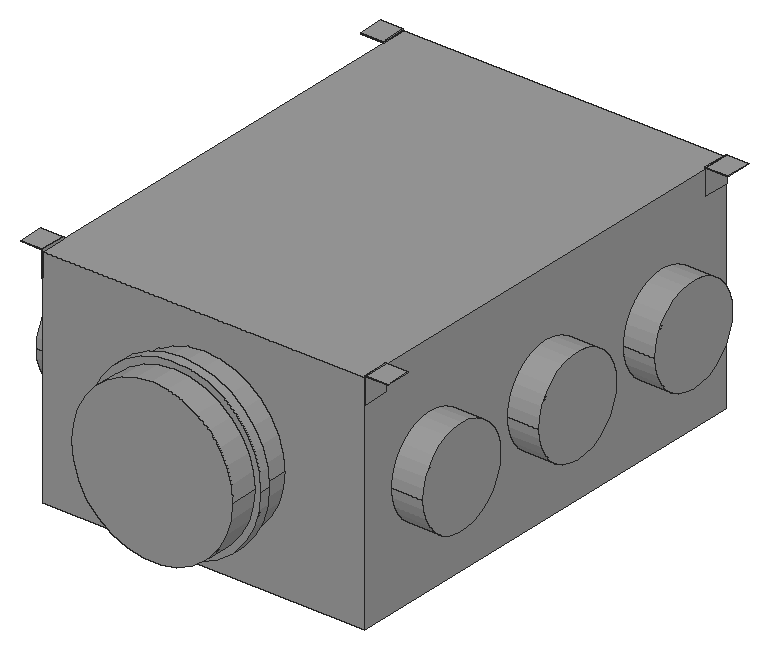
Revit family "FASU(F6-150 250Φ)", category ダクト付属品, Revit 2021
Family settings
  丸型コネクタ寸法 = 直径を使用
  パーツ タイプ = ダンパー
  OmniClass 番号 = 23.75.00.00
  OmniClass タイトル = Climate Control (HVAC)
  作業面ベース = いいえ
  常に垂直 = はい
  ロード時にボイドで切り取り = いいえ
  共有 = いいえ
Parameters
  高さ = 350 mm
  風量 = 0.0 L/s
  符号 = "FASU"
  形式 = "F6-150 250φ"
  幅 [instance] = 500 mm
  奥行き = 700 mm
  大きさ = 250 mm
  呼称 = "FASUチャンバー"
  付属品_下端レベル [instance] = 0 mm
  マテリアル [instance] = 既定値
  ダクト_イン = 300 mm
  ダクト_アウト = 150 mm
  既定の高さ = 0 mm
Reference planes
  plane 1 "中心(正面/背面)": y = 0
  plane 2: z = 0
  plane 3 "中心(左/右)": x = 0
  plane 4: x = -250
  plane 5: x = 250
  plane 6: y = -700
  plane 7: z = 350
  plane 8: z = 175
  plane 9: z = 266.963
  plane 10: z = 86.159
  plane 11: x = -251
  plane 12: z = 313.122
  plane 13: z = 352.122
  plane 14: y = -350
Forms (mm)
  Extrusion 1, solid, material "既定値" <- "マテリアル"
    sketch origin (0, 0, 0) x (1, 0, 0) y (0, 1, 0)
      loop
        line (-250, 0) -> (-250, -700) -> (250, -700) -> (250, 0) -> (-250, 0)
    from 0 to 350
  Extrusion 2, solid, material "既定値" <- "マテリアル"
    sketch origin (0, -30, 0) x (1, 0, 0) y (0, 1, 0)
      loop
        line (-250, 30) -> (-251, 30) -> (-251, -10) -> (-250, -10) -> (-250, 30)
    from 313.122 to 350
  Extrusion 3, solid, material "既定値" <- "マテリアル"
    sketch origin (0, -30, 0) x (1, 0, 0) y (0, 1, 0)
      loop
        line (-285, 30) -> (-285, -10) -> (-251, -10) -> (-251, 30) -> (-285, 30)
    from 352.122 to 350
  Extrusion 4, solid, material "既定値" <- "マテリアル"
    sketch origin (0, -30, 0) x (-1, 0, 0) y (0, -1, 0)
      loop
        line (-250, -30) -> (-250, 10) -> (-251, 10) -> (-251, -30) -> (-250, -30)
    from 313.122 to 353.122
  Extrusion 5, solid, material "既定値" <- "マテリアル"
    sketch origin (0, -30, 0) x (-1, 0, 0) y (0, -1, 0)
      loop
        line (-285, -30) -> (-251, -30) -> (-251, 10) -> (-285, 10) -> (-285, -30)
    from 352.122 to 353.122
  Extrusion 6, solid, material "既定値" <- "マテリアル"
    sketch origin (0, -490, 0) x (1, 0, 0) y (0, 1, 0)
      loop
        line (-285, -170) -> (-285, -210) -> (-251, -210) -> (-251, -170) -> (-285, -170)
    from 352.122 to 353.122
  Extrusion 7, solid, material "既定値" <- "マテリアル"
    sketch origin (0, -490, 0) x (1, 0, 0) y (0, 1, 0)
      loop
        line (-250, -170) -> (-251, -170) -> (-251, -210) -> (-250, -210) -> (-250, -170)
    from 313.122 to 353.122
  Extrusion 8, solid, material "既定値" <- "マテリアル"
    sketch origin (0, -490, 0) x (-1, 0, 0) y (0, -1, 0)
      loop
        line (-285, 170) -> (-251, 170) -> (-251, 210) -> (-285, 210) -> (-285, 170)
    from 352.122 to 353.122
  Extrusion 9, solid, material "既定値" <- "マテリアル"
    sketch origin (0, -490, 0) x (-1, 0, 0) y (0, -1, 0)
      loop
        line (-250, 170) -> (-250, 210) -> (-251, 210) -> (-251, 170) -> (-250, 170)
    from 313.122 to 353.122
  Extrusion 10, solid, material "既定値" <- "マテリアル"
    sketch origin (550, -582.5, 0) x (0, -1, 0) y (0, 0, -1)
      loop
        circle (-232.5, -175) r 74.985
    from -300 to -250
  Extrusion 11, solid, material "既定値" <- "マテリアル"
    sketch origin (-550, -582.5, 0) x (0, -1, 0) y (0, 0, 1)
      loop
        circle (-232.5, 175) r 74.985
    from -300 to -250
  Extrusion 12, solid, material "既定値" <- "マテリアル"
    sketch origin (550, -357.5, 0) x (0, -1, 0) y (0, 0, -1)
      loop
        circle (-232.5, -175) r 74.985
    from -300 to -250
  Extrusion 13, solid, material "既定値" <- "マテリアル"
    sketch origin (-550, -357.5, 0) x (0, -1, 0) y (0, 0, 1)
      loop
        circle (-232.5, 175) r 74.985
    from -300 to -250
  Extrusion 14, solid, material "既定値" <- "マテリアル"
    sketch origin (550, -142.5, 0) x (0, 1, 0) y (0, 0, 1)
      loop
        circle (-432.5, 175) r 74.985
    from -300 to -250
  Extrusion 15, solid, material "既定値" <- "マテリアル"
    sketch origin (0, -142.5, 0) x (0, 1, 0) y (0, 0, 1)
      loop
        circle (-432.5, 175) r 74.985
    from -300 to -250
  Extrusion 16, solid, material "既定値" <- "マテリアル"
    sketch origin (0, -230, 0) x (1, 0, 0) y (0, 0, 1)
      loop
        circle (0, 175) r 125
    from 470 to 512.5
  Extrusion 17, solid, material "既定値" <- "マテリアル"
    sketch origin (0, -230, 0) x (1, 0, 0) y (0, 0, 1)
      loop
        circle (0, 175) r 135
    from 512.5 to 527.5
  Extrusion 18, solid, material "既定値" <- "マテリアル"
    sketch origin (0, -317.5, 0) x (1, 0, 0) y (0, 0, 1)
      loop
        circle (0, 175) r 125
    from 440 to 482.5
Lines and regions (mm)
  model lines
    curve 1: line (-250, -30, 0) -> (250, -30, 0)
    curve 2: line (-250, -670, 0) -> (250, -670, 0)
Text (mm)
  text "FASU(F6-150 250Φ)" at (3.713, -630.412, 0), in view "参照レベル"
Dimensions and locks
  equal spacing: plane 4, plane 3 "中心(左/右)", plane 5
  "幅": plane 4 to plane 5
  "奥行き": plane 6 to plane 1 "中心(正面/背面)"
  "高さ": plane 7 to level
  equal spacing: plane 7, plane 8, level
  equal spacing: plane 6, plane 14, plane 1 "中心(正面/背面)"
  aligned and locked: level to plane 2
  aligned and locked: Extrusion 1 sketch curve to plane 5
  aligned and locked: plane 7 to Extrusion 1
  aligned and locked: Extrusion 2 sketch curve to Extrusion 1
  aligned and locked: plane 7 to Extrusion 2
  aligned and locked: Extrusion 3 sketch curve to Extrusion 2
  aligned and locked: Extrusion 2 to Extrusion 3 sketch curve
  aligned and locked: plane 7 to Extrusion 3
  aligned and locked: Extrusion 3 to plane 13
  aligned and locked: Extrusion 4 to Extrusion 5 sketch curve
  aligned and locked: Extrusion 5 sketch curve to Extrusion 4
  aligned and locked: Extrusion 1 to Extrusion 8
  aligned and locked: Extrusion 6 to Extrusion 1
  aligned and locked: Extrusion 7 to Extrusion 1
  aligned and locked: Extrusion 1 to Extrusion 9
  aligned and locked: Extrusion 9 to Extrusion 8
  aligned and locked: Extrusion 7 to Extrusion 6
  aligned and locked: plane 4 to Extrusion 7
  aligned and locked: Extrusion 9 to plane 5
  aligned and locked: plane 4 to curve 1
  aligned and locked: plane 5 to curve 1
  aligned and locked: plane 5 to curve 2
  aligned and locked: Extrusion 1 to Extrusion 3
  aligned and locked: Extrusion 5 to Extrusion 1
  aligned and locked: Extrusion 4 to plane 5
  aligned and locked: Extrusion 1 to plane 6
  aligned and locked: Extrusion 1 to plane 1 "中心(正面/背面)"
  aligned and locked: Extrusion 12 to plane 5
  aligned and locked: plane 4 to Extrusion 13
  aligned and locked: Extrusion 14 to plane 5
  aligned and locked: plane 4 to Extrusion 15
  aligned and locked: Extrusion 17 to Extrusion 18
  aligned and locked: Extrusion 17 to Extrusion 16
Automatic sketch dimensions
  Extrusion 10 sketch curve to plane 8 = 0 mm
  Extrusion 10 sketch curve to plane 14 = 0 mm
  Extrusion 11 sketch curve to plane 8 = 0 mm
  Extrusion 11 sketch curve to plane 14 = 0 mm
  curve 2 to plane 4 = 0 mm
  plane 6 to curve 2 = 30 mm
  plane 1 "中心(正面/背面)" to curve 1 = 30 mm
  Extrusion 1 sketch curve to plane 4 = 0 mm
  Extrusion 1 sketch curve to plane 6 = 0 mm
  plane 1 "中心(正面/背面)" to Extrusion 1 sketch curve = 0 mm
  plane 1 "中心(正面/背面)" to Extrusion 2 sketch curve = 0 mm
  Extrusion 2 sketch curve to plane 11 = 0 mm
  Extrusion 2 sketch curve to Extrusion 2 sketch curve = 40 mm
  plane 1 "中心(正面/背面)" to Extrusion 3 sketch curve = 0 mm
  Extrusion 3 sketch curve to Extrusion 3 sketch curve = 34 mm
  plane 1 "中心(正面/背面)" to Extrusion 4 sketch curve = 0 mm
  Extrusion 4 sketch curve to plane 5 = 0 mm
  Extrusion 4 sketch curve to Extrusion 4 sketch curve = 1 mm
  Extrusion 4 sketch curve to Extrusion 4 sketch curve = 40 mm
  plane 1 "中心(正面/背面)" to Extrusion 5 sketch curve = 0 mm
  Extrusion 5 sketch curve to Extrusion 5 sketch curve = 34 mm
  Extrusion 6 sketch curve to plane 6 = 0 mm
  Extrusion 6 sketch curve to plane 11 = 0 mm
  Extrusion 6 sketch curve to plane 11 = 34 mm
  plane 6 to Extrusion 6 sketch curve = 40 mm
  Extrusion 7 sketch curve to plane 11 = 0 mm
  Extrusion 7 sketch curve to plane 4 = 0 mm
  Extrusion 7 sketch curve to plane 6 = 0 mm
  plane 6 to Extrusion 7 sketch curve = 40 mm
  Extrusion 8 sketch curve to plane 6 = 0 mm
  Extrusion 8 sketch curve to plane 5 = 35 mm
  Extrusion 8 sketch curve to plane 5 = 1 mm
  Extrusion 8 sketch curve to Extrusion 8 sketch curve = 40 mm
  Extrusion 9 sketch curve to plane 6 = 0 mm
  Extrusion 9 sketch curve to plane 5 = 0 mm
  Extrusion 9 sketch curve to Extrusion 9 sketch curve = 1 mm
  Extrusion 9 sketch curve to Extrusion 9 sketch curve = 40 mm
  Extrusion 12 sketch curve to plane 8 = 0 mm
  plane 1 "中心(正面/背面)" to Extrusion 12 sketch curve = 125 mm
  Extrusion 13 sketch curve to plane 8 = 0 mm
  plane 1 "中心(正面/背面)" to Extrusion 13 sketch curve = 125 mm
  Extrusion 14 sketch curve to plane 8 = 0 mm
  plane 6 to Extrusion 14 sketch curve = 125 mm
  Extrusion 15 sketch curve to plane 8 = 0 mm
  plane 6 to Extrusion 15 sketch curve = 125 mm
  Extrusion 16 sketch curve to plane 8 = 0 mm
  Extrusion 17 sketch curve to plane 8 = 0 mm
  Extrusion 18 sketch curve to plane 8 = 0 mm
  plane 11 to Extrusion 16 sketch curve = 251 mm
  plane 11 to Extrusion 17 sketch curve = 251 mm
  plane 11 to Extrusion 18 sketch curve = 251 mm
  radius of Extrusion 10 sketch curve = 74.985 mm
  radius of Extrusion 11 sketch curve = 74.985 mm
  radius of Extrusion 12 sketch curve = 74.985 mm
  radius of Extrusion 13 sketch curve = 74.985 mm
  radius of Extrusion 14 sketch curve = 74.985 mm
  radius of Extrusion 15 sketch curve = 74.985 mm
  radius of Extrusion 16 sketch curve = 125 mm
  radius of Extrusion 17 sketch curve = 135 mm
  radius of Extrusion 18 sketch curve = 125 mm
Connectors
  hvac at (-300, -575, 175), driven by "ダクト_アウト"
    settings: on Extrusion 15, index 1, duct flow 0.0 L/s, flow factor 0, pres drop 0.0 Pa, loss coef 0, conn angle 0.00°, conn width 304.8 mm, conn height 304.8 mm, conn diameter 150 mm, duct sys type 29, conn prof type 0, flow config 0, flow direction 2, loss method 0, conn ref index -1, conn util no, is conn primary yes, conn desc ""
  hvac at (-300, -350, 175), driven by "ダクト_アウト"
    settings: on Extrusion 11, index 2, duct flow 0.0 L/s, flow factor 0, pres drop 0.0 Pa, loss coef 0, conn angle 0.00°, conn width 304.8 mm, conn height 304.8 mm, conn diameter 150 mm, duct sys type 29, conn prof type 0, flow config 0, flow direction 2, loss method 0, conn ref index -1, conn util no, is conn primary no, conn desc ""
  hvac at (-300, -125, 175), driven by "ダクト_アウト"
    settings: on Extrusion 13, index 3, duct flow 0.0 L/s, flow factor 0, pres drop 0.0 Pa, loss coef 0, conn angle 0.00°, conn width 304.8 mm, conn height 304.8 mm, conn diameter 150 mm, duct sys type 29, conn prof type 0, flow config 0, flow direction 2, loss method 0, conn ref index -1, conn util no, is conn primary no, conn desc ""
  hvac at (300, -575, 175), driven by "ダクト_アウト"
    settings: on Extrusion 14, index 4, duct flow 0.0 L/s, flow factor 0, pres drop 0.0 Pa, loss coef 0, conn angle 0.00°, conn width 304.8 mm, conn height 304.8 mm, conn diameter 150 mm, duct sys type 29, conn prof type 0, flow config 0, flow direction 2, loss method 0, conn ref index -1, conn util no, is conn primary no, conn desc ""
  hvac at (300, -350, 175), driven by "ダクト_アウト"
    settings: on Extrusion 10, index 5, duct flow 0.0 L/s, flow factor 0, pres drop 0.0 Pa, loss coef 0, conn angle 0.00°, conn width 304.8 mm, conn height 304.8 mm, conn diameter 150 mm, duct sys type 29, conn prof type 0, flow config 0, flow direction 2, loss method 0, conn ref index -1, conn util no, is conn primary no, conn desc ""
  hvac at (300, -125, 175), driven by "ダクト_アウト"
    settings: on Extrusion 12, index 6, duct flow 0.0 L/s, flow factor 0, pres drop 0.0 Pa, loss coef 0, conn angle 0.00°, conn width 304.8 mm, conn height 304.8 mm, conn diameter 150 mm, duct sys type 29, conn prof type 0, flow config 0, flow direction 2, loss method 0, conn ref index -1, conn util no, is conn primary no, conn desc ""
  hvac at (0, -800, 175)
    settings: on Extrusion 18, index 7, duct flow 0.0 L/s, flow factor 0, pres drop 0.0 Pa, loss coef 0, conn angle 0.00°, conn width 304.8 mm, conn height 304.8 mm, conn diameter 250 mm, duct sys type 29, conn prof type 0, flow config 0, flow direction 1, loss method 0, conn ref index -1, conn util no, is conn primary no, conn desc ""
